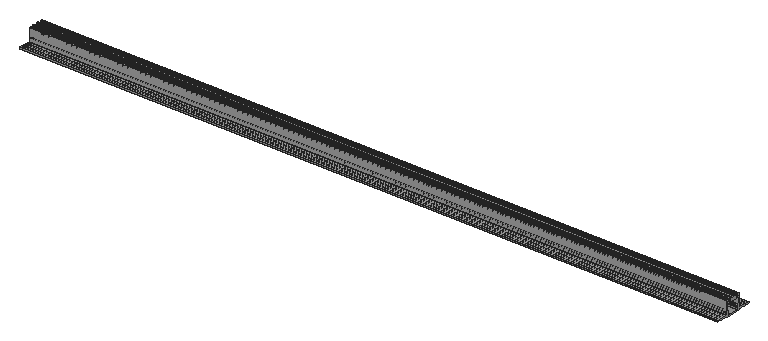
Revit family "Alcon-12100-10-R-RGBW-Revit-Family", category Lighting Fixtures, host Ceiling, Revit 2021
Family settings
  Host = Ceiling
  Round Connector Dimension = Use Diameter
  Part Type = Normal
  Always vertical = Yes
  Cut with Voids When Loaded = No
  Light Source = Yes
  Shared = No
  Room Calculation Point = No
Parameters (values of type "12100-10-R-RGBW-4'")
  Wattage = 9.2903 W
  built-in parameter 1150110 = 1 (stored number, unit not read)
  built-in parameter 1114217 = 1 (stored number, unit not read)
  built-in parameter 1150109 = 1 (stored number, unit not read)
  built-in parameter 1150134 = 3
  built-in parameter 1150113 = 1 (stored number, unit not read)
  Product Identity = "Alcon Lighting 12100-10-R-RGBW"
  Manufacturer = "Alcon Light"
  built-in parameter 1150105 = 439.27 (stored number, unit not read)
  Lumens = 1380 lm
  built-in parameter 1150115 = 1 (stored number, unit not read)
  Link To Product Page = "https://www.alconlighting.com/12100-10-r-rgbw-linear-trimless-recessed-led-color-changing-perimeter-lightstrip.html"
  Light Source Symbol Size = 0' - 1"
  built-in parameter 1150137 = (empty or 0)
  built-in parameter 1150139 = (empty or 0)
  Length = 4' - 0"
  Led Source = Led Source
  built-in parameter 1150112 = 1 (stored number, unit not read)
  built-in parameter 1150114 = 1 (stored number, unit not read)
  built-in parameter 1150132 = (empty or 0)
  built-in parameter 1150102 = (empty or 0)
  built-in parameter 1150107 = 3200 (stored number, unit not read)
  built-in parameter 1150138 = (empty or 0)
  built-in parameter 1150106 = 4.3927 (stored number, unit not read)
  Housing = Default
  Lens = Lens
  Emit from Line Length = 4' - 0"
  built-in parameter 1150104 = 13.8 (stored number, unit not read)
  Dimming Lamp Color Temperature Shift = <None>
  Default Elevation = 0' - 0"
  Color Filter = 16777215
  built-in parameter 1114218 = 1 (stored number, unit not read)
  built-in parameter 1150133 = 10 (stored number, unit not read)
Types (5): name | Length | Emit from Line Length
  12100-10-R-RGBW-3' | 3' - 0" | 3' - 0"
  12100-10-R-RGBW-4' | 4' - 0" | 4' - 0"
  12100-10-R-RGBW-6' | 6' - 0" | 6' - 0"
  12100-10-R-RGBW-2' | 2' - 0" | 2' - 0"
  12100-10-R-RGBW-8' | 8' - 0" | 8' - 0"
Reference planes (in)
  plane 1 "Center (Front/Back)": y = 0
  plane 2: z = 0
  plane 3 "Center (Left/Right)": x = 0
  plane 4 "Ceiling": z = 157.48031
Forms (in)
  Extrusion 1, solid, material "Default" <- "Housing"
    sketch origin (0, 0, 318.44208) x (0, -1, 0) y (0, 0, -1)
      loop
        line (0.47349, 160.995) -> (0.47349, 160.94031) -> (0.43007, 160.94031) -> (0.43007, 160.84112) -> (0.48175, 160.81702) -> (0.48175, 160.7833)
        arc (0.48175, 160.7833) -> (0.43116, 160.77221) -> (0.3962, 160.73399) r 0.08567
        line (0.3962, 160.73399) -> (0.43007, 160.71896)
        arc (0.43007, 160.71896) -> (0.49226, 160.69592) -> (0.42776, 160.68047) r 0.03466
        line (0.42776, 160.68047) -> (0.3962, 160.66199)
        arc (0.3962, 160.66199) -> (0.43116, 160.62377) -> (0.48175, 160.61268) r 0.08567
        line (0.48175, 160.61268) -> (0.48175, 160.20144) -> (-0.48175, 160.20144) -> (-0.48175, 160.61268)
        arc (-0.48175, 160.61268) -> (-0.43116, 160.62377) -> (-0.3962, 160.66199) r 0.08567
        line (-0.3962, 160.66199) -> (-0.42776, 160.68047)
        arc (-0.42776, 160.68047) -> (-0.49226, 160.69592) -> (-0.43007, 160.71896) r 0.03466
        line (-0.43007, 160.71896) -> (-0.3962, 160.73399)
        arc (-0.3962, 160.73399) -> (-0.43116, 160.77221) -> (-0.48175, 160.7833) r 0.08567
        line (-0.48175, 160.7833) -> (-0.48175, 160.81702) -> (-0.43007, 160.84112) -> (-0.43007, 160.94031) -> (-0.47349, 160.94031) -> (-0.47349, 160.995) -> (-0.53884, 160.995) -> (-0.53884, 160.92853) -> (-0.57195, 160.92853) -> (-0.59587, 160.90462) -> (-0.61978, 160.92853) -> (-0.66332, 160.92853) -> (-0.68723, 160.90462) -> (-0.71114, 160.92853) -> (-0.75468, 160.92853) -> (-0.77859, 160.90462) -> (-0.80251, 160.92853) -> (-0.84604, 160.92853) -> (-0.86996, 160.90462) -> (-0.89387, 160.92853) -> (-0.93741, 160.92853) -> (-0.96132, 160.90462) -> (-0.98524, 160.92853) -> (-1.02877, 160.92853) -> (-1.05269, 160.90462) -> (-1.0766, 160.92853) -> (-1.12014, 160.92853) -> (-1.14405, 160.90462) -> (-1.16796, 160.92853) -> (-1.2115, 160.92853) -> (-1.23541, 160.90462) -> (-1.25933, 160.92853) -> (-1.32862, 160.92853) -> (-1.32862, 160.85311) -> (-0.53884, 160.85311) -> (-0.53884, 159.98246) -> (-0.41393, 159.98246) -> (-0.41393, 160.04169) -> (-0.48175, 160.04169) -> (-0.48175, 160.13618) -> (-0.15232, 160.13618) -> (-0.15232, 160.04169) -> (-0.2186, 160.04169) -> (-0.2186, 159.97611) -> (-0.10789, 159.97611) -> (-0.08849, 160.04851) -> (-0.04231, 160.04851) -> (-0.02034, 160.07048)
        arc (-0.02034, 160.07048) -> (0, 160.13824) -> (0.02034, 160.07048) r 0.03693
        line (0.02034, 160.07048) -> (0.04231, 160.04851) -> (0.08849, 160.04851) -> (0.10789, 159.97611) -> (0.2186, 159.97611) -> (0.2186, 160.04169) -> (0.15232, 160.04169) -> (0.15232, 160.13618) -> (0.48175, 160.13618) -> (0.48175, 160.04169) -> (0.41393, 160.04169) -> (0.41393, 159.98246) -> (0.53884, 159.98246) -> (0.53884, 160.85311) -> (1.32862, 160.85311) -> (1.32862, 160.92853) -> (1.25933, 160.92853) -> (1.23541, 160.90462) -> (1.2115, 160.92853) -> (1.16796, 160.92853) -> (1.14405, 160.90462) -> (1.12014, 160.92853) -> (1.0766, 160.92853) -> (1.05269, 160.90462) -> (1.02877, 160.92853) -> (0.98524, 160.92853) -> (0.96132, 160.90462) -> (0.93741, 160.92853) -> (0.89387, 160.92853) -> (0.86996, 160.90462) -> (0.84604, 160.92853) -> (0.80251, 160.92853) -> (0.77859, 160.90462) -> (0.75468, 160.92853) -> (0.71114, 160.92853) -> (0.68723, 160.90462) -> (0.66332, 160.92853) -> (0.61978, 160.92853) -> (0.59587, 160.90462) -> (0.57195, 160.92853) -> (0.53884, 160.92853) -> (0.53884, 160.995) -> (0.47349, 160.995)
    from 0 to 48
  Extrusion 2, solid, material "Lens" <- "Lens"
    sketch origin (0, 0, 318.52021) x (0, -1, 0) y (0, 0, -1)
      loop
        line (0.47349, 161.01844) -> (0.47349, 161.07313) -> (-0.47349, 161.07313) -> (-0.47349, 161.01844) -> (-0.43007, 161.01844) -> (-0.43007, 160.91925) -> (-0.46694, 160.90205) -> (-0.44263, 160.87775)
        arc (-0.44263, 160.87775) -> (-0.42589, 160.87165) -> (-0.41045, 160.88056) r 0.02108
        line (-0.41045, 160.88056) -> (-0.38939, 160.91064) -> (-0.38939, 160.99545) -> (0.38939, 160.99545) -> (0.38939, 160.91064) -> (0.41045, 160.88056)
        arc (0.41045, 160.88056) -> (0.42589, 160.87165) -> (0.44263, 160.87775) r 0.02108
        line (0.44263, 160.87775) -> (0.46694, 160.90205) -> (0.43007, 160.91925) -> (0.43007, 161.01844) -> (0.47349, 161.01844)
    from 0 to 48
  Extrusion 3, void
    sketch origin (0, 0, 157.48031) x (0, 1, 0) y (-1, 0, 0)
      loop
        line (-0.53884, 0) -> (-0.53884, -48) -> (0.53884, -48) -> (0.53884, 0) -> (-0.53884, 0)
    from -0.14164 to 1.18394
Dimensions and locks (in)
  equal spacing: host sketch curve, plane 3 "Center (Left/Right)", host sketch curve
  equal spacing: host sketch curve, plane 1 "Center (Front/Back)", host sketch curve
  host sketch curve to host sketch curve = 13' - 1.48031"  (x2)
  plane 4 "Ceiling" to host ceiling = 0' - 0"
  "Length": plane 3 "Center (Left/Right)" to Extrusion 3
  "Length": plane 3 "Center (Left/Right)" to Extrusion 2
  "Length": plane 3 "Center (Left/Right)" to Extrusion 1
Automatic sketch dimensions
  Extrusion 3 sketch curve to plane 3 "Center (Left/Right)" = 0' - 0"
  plane 1 "Center (Front/Back)" to Extrusion 3 sketch curve = 0' - 0.53884"
  Extrusion 3 sketch curve to plane 1 "Center (Front/Back)" = 0' - 0.53884"
  plane 3 "Center (Left/Right)" to Extrusion 3 sketch curve = 4' - 0"
  Extrusion 2 sketch curve to plane 4 "Ceiling" = 0' - 0.02145"  (x2)
  Extrusion 2 sketch curve to plane 1 "Center (Front/Back)" = 0' - 0.47349"
  Extrusion 2 sketch curve to plane 4 "Ceiling" = 0' - 0.13784"  (x2)
  Extrusion 2 sketch curve to Extrusion 2 sketch curve = 0' - 0.00655"
  Extrusion 2 sketch curve to plane 4 "Ceiling" = 0' - 0.16214"  (x2)
  Extrusion 2 sketch curve to Extrusion 2 sketch curve = 0' - 0.0243"  (x2)
  Extrusion 2 sketch curve to plane 4 "Ceiling" = 0' - 0.12065"  (x2)
  Extrusion 2 sketch curve to Extrusion 2 sketch curve = 0' - 0.03687"
  Extrusion 2 sketch curve to Extrusion 2 sketch curve = 0' - 0.01491"  (x2)
  Extrusion 2 sketch curve to plane 4 "Ceiling" = 0' - 0.15933"  (x2)
  Extrusion 2 sketch curve to Extrusion 2 sketch curve = 0' - 0.01727"  (x2)
  Extrusion 2 sketch curve to Extrusion 2 sketch curve = 0' - 0.02106"  (x2)
  Extrusion 2 sketch curve to plane 4 "Ceiling" = 0' - 0.12925"
  plane 1 "Center (Front/Back)" to Extrusion 2 sketch curve = 0' - 0.38939"
  Extrusion 2 sketch curve to Extrusion 2 sketch curve = 0' - 0.00234"
  Extrusion 2 sketch curve to Extrusion 2 sketch curve = 0' - 0.04342"
  Extrusion 2 sketch curve to Extrusion 2 sketch curve = 0' - 0.03008"
  Extrusion 2 sketch curve to plane 4 "Ceiling" = 0' - 0.04445"
  Extrusion 2 sketch curve to Extrusion 2 sketch curve = 0' - 0 7/128"
  Extrusion 1 sketch curve to Extrusion 1 sketch curve = 0' - 0"  (x6)
  Extrusion 1 sketch curve to plane 4 "Ceiling" = 0' - 0.02145"  (x2)
  Extrusion 1 sketch curve to plane 4 "Ceiling" = 0' - 0.10866"
  Extrusion 1 sketch curve to plane 1 "Center (Front/Back)" = 0' - 1.32862"
  Extrusion 1 sketch curve to plane 4 "Ceiling" = 0' - 0.03324"  (x18)
  Extrusion 1 sketch curve to Extrusion 1 sketch curve = 0' - 0.06929"  (x2)
  Extrusion 1 sketch curve to plane 4 "Ceiling" = 0' - 0.05715"  (x16)
  Extrusion 1 sketch curve to Extrusion 1 sketch curve = 0' - 0.02391"  (x16)
  Extrusion 1 sketch curve to Extrusion 1 sketch curve = 0' - 0.04354"  (x14)
  Extrusion 1 sketch curve to Extrusion 1 sketch curve = 0' - 0.05703"
  Extrusion 1 sketch curve to Extrusion 1 sketch curve = 0' - 0.03311"  (x2)
  Extrusion 1 sketch curve to Extrusion 1 sketch curve = 0' - 0.05709"  (x4)
  Extrusion 1 sketch curve to plane 4 "Ceiling" = 0' - 0.14475"
  Extrusion 1 sketch curve to Extrusion 1 sketch curve = 0' - 0 1/128"
  Extrusion 1 sketch curve to Extrusion 1 sketch curve = 0' - 0.06536"  (x2)
  Extrusion 1 sketch curve to Extrusion 1 sketch curve = 0' - 0.01628"  (x2)
  Extrusion 1 sketch curve to Extrusion 1 sketch curve = 0' - 0.04342"  (x2)
  Extrusion 1 sketch curve to plane 4 "Ceiling" = 0' - 0.24281"  (x2)
  Extrusion 1 sketch curve to Extrusion 1 sketch curve = 0' - 0.0276"
  Extrusion 1 sketch curve to plane 4 "Ceiling" = 0' - 0.2813"
  Extrusion 1 sketch curve to Extrusion 1 sketch curve = 0' - 0.0299"  (x2)
  Extrusion 1 sketch curve to Extrusion 1 sketch curve = 0' - 0.06782"  (x3)
  Extrusion 1 sketch curve to plane 4 "Ceiling" = 0' - 0.22777"
  Extrusion 1 sketch curve to Extrusion 1 sketch curve = 0' - 0.03386"  (x3)
  Extrusion 1 sketch curve to plane 4 "Ceiling" = 0' - 0.29978"
  Extrusion 1 sketch curve to Extrusion 1 sketch curve = 0' - 0.03155"  (x2)
  Extrusion 1 sketch curve to Extrusion 1 sketch curve = 0' - 0 25/128"  (x2)
  Extrusion 1 sketch curve to Extrusion 1 sketch curve = 0' - 0.06628"  (x2)
  Extrusion 1 sketch curve to Extrusion 1 sketch curve = 0' - 0.04442"
  Extrusion 1 sketch curve to Extrusion 1 sketch curve = 0' - 0.06382"  (x2)
  Extrusion 1 sketch curve to Extrusion 1 sketch curve = 0' - 0.04618"  (x2)
  Extrusion 1 sketch curve to Extrusion 1 sketch curve = 0' - 0.02034"  (x2)
  Extrusion 1 sketch curve to Extrusion 1 sketch curve = 0' - 0.02198"  (x4)
  Extrusion 1 sketch curve to Extrusion 1 sketch curve = 0' - 0.0194"
  plane 1 "Center (Front/Back)" to Extrusion 1 sketch curve = 0' - 0.3962"
  Extrusion 1 sketch curve to Extrusion 1 sketch curve = 0' - 0.05169"
  Extrusion 1 sketch curve to Extrusion 1 sketch curve = 0' - 0.05697"
  Extrusion 1 sketch curve to Extrusion 1 sketch curve = 0' - 0.04931"
  Extrusion 1 sketch curve to Extrusion 1 sketch curve = 0' - 0.06779"
  Extrusion 1 sketch curve to Extrusion 1 sketch curve = 0' - 0.41124"
  Extrusion 1 sketch curve to Extrusion 1 sketch curve = 0' - 0.06526"  (x2)
  Extrusion 1 sketch curve to Extrusion 1 sketch curve = 0' - 0.10013"
  Extrusion 1 sketch curve to Extrusion 1 sketch curve = 0' - 0.03083"
  Extrusion 1 sketch curve to Extrusion 1 sketch curve = 0' - 0.09449"  (x2)
  Extrusion 1 sketch curve to Extrusion 1 sketch curve = 0' - 0.00682"  (x2)
  Extrusion 1 sketch curve to Extrusion 1 sketch curve = 0' - 0.05923"  (x2)
  Extrusion 1 sketch curve to Extrusion 1 sketch curve = 0' - 0.06558"
  Extrusion 1 sketch curve to Extrusion 1 sketch curve = 0' - 0.0724"
  Extrusion 1 sketch curve to Extrusion 1 sketch curve = 0' - 0.01849"
  Extrusion 1 sketch curve to Extrusion 1 sketch curve = 0' - 0.01504"
  Extrusion 1 sketch curve to Extrusion 1 sketch curve = 0' - 0.03372"
  Extrusion 1 sketch curve to Extrusion 1 sketch curve = 0' - 0.0241"  (x2)
  Extrusion 1 sketch curve to Extrusion 1 sketch curve = 0' - 0.07542"
  Extrusion 1 sketch curve to Extrusion 1 sketch curve = 0' - 0 7/128"
  plane 4 "Ceiling" to Extrusion 1 sketch curve = 0' - 0.03324"
